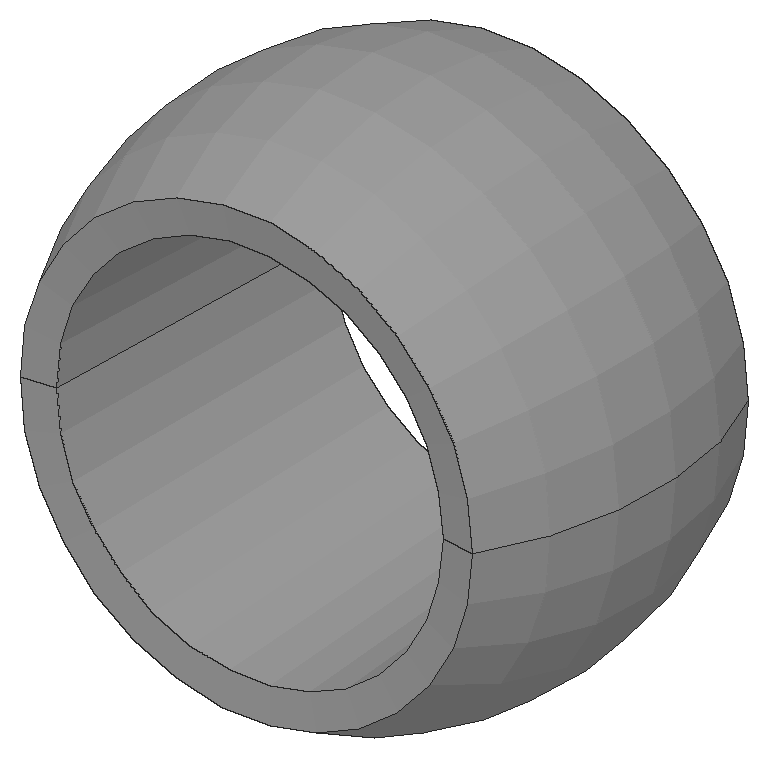
Revit family "VK001", category Sprinklers, Revit 2012
Parameters
  URL = "http://www.vikinggroupinc.com/databook/sprinklers/standard/sr/stcov/080106.pdf"
  Model = "VK001"
  Manufacturer = "Viking"
  K-Factor = 2.8
Reference planes (in)
  plane 1 "Center (Front/Back)": y = 0
  plane 2: z = 0
  plane 3 "Center (Left/Right)": x = 0
  plane 4 "Threads": y = -0.59368
Forms (in)
  Revolve 1, solid, material "Default"
    sketch origin (0, 0, 0) x (1, 0, 0) y (0, 1, 0)
      loop
        arc (-0.37775, -0.44321) -> (-0.42956, -0.69916) -> (-0.35296, -0.94881) r 0.53047
        line (-0.35296, -0.94881) -> (-0.30177, -0.94253) -> (-0.2756, -0.44321) -> (-0.37775, -0.44321)
      axis (0, -0.44321) -> (0, -0.94881)
    angle from 0 to 360
Dimensions and locks (in)
  aligned and locked: plane 2 to level
Connectors (in)
  piping at (0, -0.59368, 0)
    settings: index 1, connector radius 1", flow factor 0, pipe flow 0 GPM, pressure drop 0.00 psi, fitting loss kfactor 0, connector angle 0.00°, fixture units 0, engagement length 0' - 0", flow configuration 0, flow direction 0, fitting loss method 0, system type 7, joint type 0, gender type 0, connector reference index -1, connector utility 0, adjustable connector no, is connector primary yes, fitting loss table "", connector description ""
